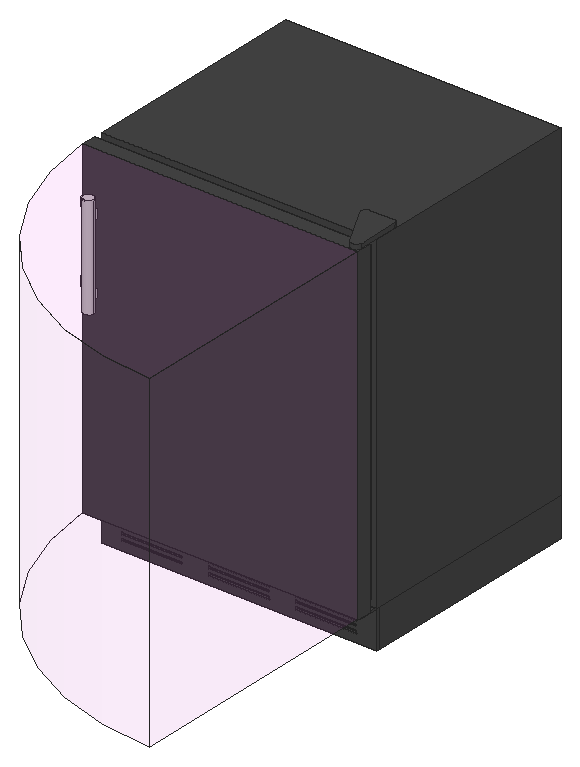
Revit family "QF_Summit_CT663BK_Refrigerator-Freezer_ADA Compliant", category Specialty Equipment, Revit 2020
Family settings
  Round Connector Dimension = Use Diameter
  Part Type = Normal
  Work Plane-Based = No
  Always vertical = Yes
  Cut with Voids When Loaded = No
  Shared = No
  Room Calculation Point = No
Parameters
  Weight in Pounds = 100
  Watts = Volts * FL Amps  # 138 W
  Volts = 115 V
  URL Cutsheet = ""
  Specification by User = ""
  Specification by Manufacturer = ""
  Show LHD [instance] = no
  Right Hinged Door [instance] = not(Show LHD)  # yes
  Serial Number = ""
  Seismic Rating = ""
  SMACNA No = ""
  Revision Code = ""
  Refrigerant Volume = 0.00 kip
  Refrigerant Type = "R600a"
  Phase = 1
  Number of Poles = 1
  NAFEM Spec ID Number = ""
  Model = "CT663BKADA"
  Min Ckt Ampacity = 0 A
  Max Overcurrent Protection = 0 A
  Masterspec = ""
  Manufacturer = "Summit"
  Length = 23 5/8"
  Item Number = ""
  Installed By = ""
  Identify Quantity as Lot = yes
  Height = 32 3/8"
  HP = ""
  Furnished By = ""
  Foodservice Equipment Identifier = yes
  FL Amps = 1.2 A
  Electrical Remarks = ""
  Electric Connection Type = ""
  Elec Conn RI Height = 0"
  Elec Conn Connection Height = 0"
  Description = "Refrigerator-Freezer ADA Compliant"
  Depth = 23"
  Default Elevation = 0"
  Cycle = 60 Hz
  Conn Plug = ""
  Conn Conduit = yes
  CSI MasterFormat = ""
  BTUH = 0.0 Btu/h
  Apparent Power = if(Phase = 3, Volts * FL Amps * 1.73, Volts * FL Amps)  # 138 VA
Reference planes (in)
  plane 1 "BACK": y = 0
  plane 2: z = 0
  plane 3 "LEFT": x = 0
  plane 4 "RIGHT": x = 23.625
  plane 5 "FRONT": y = -23
  plane 6 "TOP": z = 32.375
  plane 7 "Center Y": x = 11.8125
  plane 8 "Center X": y = -11.5
  plane 9: z = 32
  plane 10: y = -24.625
  plane 11: y = -45.375
  plane 12: y = -1.25
  plane 13: y = -21
  plane 14: z = 0.375
  plane 15: z = 3.625
  plane 16: x = 17.46169
Forms (in)
  Extrusion 1, solid, material "QF_Metallic_Paint_Black_Glossy"
    sketch origin (-4.07558, -180, 0.5) x (-1, 0, 0) y (0, -1, 0)
      loop
        line (-4.07558, -178.75) -> (-4.07558, -159) -> (-27.70058, -159) -> (-27.70058, -178.75) -> (-4.07558, -178.75)
    from 3.125 to 31.5
  Extrusion 2, solid, material "QF_Metallic_Paint_Black_Glossy"
    sketch origin (-5.77638, -180.6239, 3.75) x (-1, 0, 0) y (0, -1, 0)
      loop
        line (-5.77638, -157.625) -> (-29.40138, -157.625) -> (-29.40138, -158.875) -> (-5.77638, -158.875) -> (-5.77638, -157.625)
    from -0.125 to 28.25
  Extrusion 3, solid, material "QF_Metallic_Paint_Black_Glossy"
    sketch origin (23.5, -21.7489, 3.75) x (-1, 0, 0) y (0, 0, 1)
      loop
        line (0.375, 0.375) -> (23, 0.375) -> (23, 27.75) -> (0.375, 27.75) -> (0.375, 0.375)
    from 0 to 0.7489
  Extrusion 4, solid, material "QF_Metallic_Paint_Black_Glossy", visible <- "Right Hinged Door"
    sketch origin (-5.77638, -180.6239, 32) x (-1, 0, 0) y (0, -1, 0)
      loop
        line (-26.55339, -161.37658) -> (-28.47012, -157.91871)
        arc (-28.47012, -157.91871) -> (-28.95386, -157.71088) -> (-29.27619, -158.12717) r 0.42999
        line (-29.27619, -158.12717) -> (-29.27619, -161.7403)
        arc (-29.27619, -161.7403) -> (-29.20297, -161.91708) -> (-29.02619, -161.9903) r 0.25
        line (-29.02619, -161.9903) -> (-26.9149, -161.9903)
        arc (-26.9149, -161.9903) -> (-26.55876, -161.78675) -> (-26.55339, -161.37658) r 0.41333
    from 0 to 0.375
  Extrusion 5, solid, material "QF_Metal_Stainless_Polished", visible <- "Right Hinged Door"
    sketch origin (-1.6459, -180.6239, 27.94544) x (-1, 0, 0) y (0, -1, 0)
      loop
        line (-1.6459, -158.625) -> (-1.5209, -158.625) -> (-1.5209, -157.55854) -> (-2.72981, -156.74311) -> (-3.38781, -156.74311) -> (-3.38781, -156.86811) -> (-2.76803, -156.86811) -> (-1.6459, -157.625) -> (-1.6459, -158.625)
    from 0 to -0.75
  Extrusion 6, solid, material "QF_Metal_Stainless_Polished", visible <- "Right Hinged Door"
    sketch origin (-4.89398, -180.6239, 20.125) x (-1, 0, 0) y (0, -1, 0)
      loop
        circle (-6.30689, -156.43406) r 0.43516
    from 0 to 8.75
  Extrusion 7, solid, material "QF_Metal_Stainless_Polished", visible <- "Right Hinged Door"
    sketch origin (-1.6459, -180.6239, 21.05456) x (0, 1, 0) y (1, 0, 0)
      loop
        line (158.625, 1.6459) -> (157.625, 1.6459) -> (156.86811, 2.76803) -> (156.86811, 3.38781) -> (156.74311, 3.38781) -> (156.74311, 2.72981) -> (157.55854, 1.5209) -> (158.625, 1.5209) -> (158.625, 1.6459)
    from 0 to -0.75
  Extrusion 8, solid, material "QF_Metallic_Paint_Black_Glossy", visible <- "Right Hinged Door"
    sketch origin (-5.77638, -180.5, 3.625) x (0, -1, 0) y (-1, 0, 0)
      loop
        line (-159.5, -29.27619) -> (-158.12717, -29.27619)
        arc (-158.12717, -29.27619) -> (-157.71088, -28.95386) -> (-157.91871, -28.47012) r 0.42999
        line (-157.91871, -28.47012) -> (-159.5, -27.5936) -> (-159.5, -29.27619)
    from 0 to 0.125
  Extrusion 9, solid, material "QF_Metallic_Paint_Black_Glossy"
    sketch origin (-12.48311, -21, 47.125) x (-1, 0, 0) y (0, 0, 1)
      loop
        line (-12.48311, -46.75) -> (-12.48311, -43.5) -> (-36.10811, -43.5) -> (-36.10811, -46.75) -> (-12.48311, -46.75)
      loop
        line (-14.18872, -44.25) -> (-19.43872, -44.25) -> (-19.43872, -44.5) -> (-14.18872, -44.5) -> (-14.18872, -44.25)
      loop
        line (-14.18872, -44.75) -> (-19.43872, -44.75) -> (-19.43872, -45) -> (-14.18872, -45) -> (-14.18872, -44.75)
      loop
        line (-14.18872, -45.25) -> (-19.43872, -45.25) -> (-19.43872, -45.5) -> (-14.18872, -45.5) -> (-14.18872, -45.25)
      loop
        line (-14.18872, -45.75) -> (-19.43872, -45.75) -> (-19.43872, -46) -> (-14.18872, -46) -> (-14.18872, -45.75)
      loop
        line (-21.67061, -44.25) -> (-26.92061, -44.25) -> (-26.92061, -44.5) -> (-21.67061, -44.5) -> (-21.67061, -44.25)
      loop
        line (-21.67061, -44.75) -> (-26.92061, -44.75) -> (-26.92061, -45) -> (-21.67061, -45) -> (-21.67061, -44.75)
      loop
        line (-21.67061, -45.25) -> (-26.92061, -45.25) -> (-26.92061, -45.5) -> (-21.67061, -45.5) -> (-21.67061, -45.25)
      loop
        line (-21.67061, -45.75) -> (-26.92061, -45.75) -> (-26.92061, -46) -> (-21.67061, -46) -> (-21.67061, -45.75)
      loop
        line (-34.40249, -44.25) -> (-34.40249, -44.5) -> (-29.15249, -44.5) -> (-29.15249, -44.25) -> (-34.40249, -44.25)
      loop
        line (-34.40249, -44.75) -> (-34.40249, -45) -> (-29.15249, -45) -> (-29.15249, -44.75) -> (-34.40249, -44.75)
      loop
        line (-34.40249, -45.25) -> (-34.40249, -45.5) -> (-29.15249, -45.5) -> (-29.15249, -45.25) -> (-34.40249, -45.25)
      loop
        line (-34.40249, -45.75) -> (-34.40249, -46) -> (-29.15249, -46) -> (-29.15249, -45.75) -> (-34.40249, -45.75)
    from 0 to 0.25
  Extrusion 10, solid, material "QF_Metallic_Paint_Black_Glossy"
    sketch origin (-12.48311, -1, 48.375) x (-1, 0, 0) y (0, 0, 1)
      loop
        line (-12.48311, -44.75) -> (-36.10811, -44.75) -> (-36.10811, -48) -> (-12.48311, -48) -> (-12.48311, -44.75)
    from -19.75 to -0.25
  Extrusion 11, solid, material "QF_Metallic_Paint_White_Smooth"
    sketch origin (23.625, -1, 0.375) x (0, 1, 0) y (1, 0, 0)
      loop
        circle (-18, -20.5146) r 0.5
      loop
        circle (-2.25, -20.5146) r 0.5
      loop
        circle (-18, -3.1104) r 0.5
      loop
        circle (-2.25, -3.1104) r 0.5
    from 0 to 0.375
  Extrusion 12, solid, material "QF_Metal_Stainless_Polished"
    sketch origin (0, -1.25, 0.5) x (1, 0, 0) y (0, 0, -1)
      loop
        circle (17.46169, -0.84684) r 0.25
    from 0 to 0.25
  Extrusion 13, solid, material "QF_Metallic_Paint_Black_Glossy"
    sketch origin (0, -0.75, 18) x (0, -1, 0) y (1, 0, 0)
      loop
        line (-0.75, 1) -> (0.5, 1) -> (0.5, 22.625) -> (-0.75, 22.625) -> (-0.75, 1)
    from -14.375 to 13.03445
  Extrusion 14, solid, material "QF_Clearances_Door_Drawer", visible <- "Right Hinged Door"
    sketch origin (-5.77638, -180.6239, 3.625) x (0, -1, 0) y (-1, 0, 0)
      loop
        line (-157.625, -29.40138) -> (-135.2489, -29.40138)
        arc (-135.2489, -29.40138) -> (-141.83082, -13.22625) -> (-157.625, -5.77638) r 24.03425
        line (-157.625, -5.77638) -> (-157.625, -29.40138)
    from 0 to -28.375
  Extrusion 15, solid, material "QF_Clearances_Door_Drawer", visible <- "Show LHD"
    sketch origin (29.40138, -180.6239, 3.625) x (0, 1, 0) y (1, 0, 0)
      loop
        line (157.625, -29.40138) -> (157.625, -5.77638)
        arc (157.625, -5.77638) -> (141.83082, -13.22625) -> (135.2489, -29.40138) r 24.03425
        line (135.2489, -29.40138) -> (157.625, -29.40138)
    from 0 to -28.375
  Extrusion 16, solid, material "QF_Metal_Stainless_Polished", visible <- "Show LHD"
    sketch origin (25.2709, -180.6239, 27.94544) x (1, 0, 0) y (0, 1, 0)
      loop
        line (-1.6459, 158.625) -> (-1.6459, 157.625) -> (-2.76803, 156.86811) -> (-3.38781, 156.86811) -> (-3.38781, 156.74311) -> (-2.72981, 156.74311) -> (-1.5209, 157.55854) -> (-1.5209, 158.625) -> (-1.6459, 158.625)
    from 0 to -0.75
  Extrusion 17, solid, material "QF_Metal_Stainless_Polished", visible <- "Show LHD"
    sketch origin (28.51898, -180.6239, 20.125) x (1, 0, 0) y (0, 1, 0)
      loop
        circle (-6.30689, 156.43406) r 0.43516
    from 0 to 8.75
  Extrusion 18, solid, material "QF_Metal_Stainless_Polished", visible <- "Show LHD"
    sketch origin (25.2709, -180.6239, 21.05456) x (0, -1, 0) y (-1, 0, 0)
      loop
        line (-158.625, 1.6459) -> (-158.625, 1.5209) -> (-157.55854, 1.5209) -> (-156.74311, 2.72981) -> (-156.74311, 3.38781) -> (-156.86811, 3.38781) -> (-156.86811, 2.76803) -> (-157.625, 1.6459) -> (-158.625, 1.6459)
    from 0 to -0.75
  Extrusion 19, solid, material "QF_Metallic_Paint_Black_Glossy", visible <- "Show LHD"
    sketch origin (29.40138, -180.6239, 32) x (1, 0, 0) y (0, 1, 0)
      loop
        arc (-26.55339, 161.37658) -> (-26.55876, 161.78675) -> (-26.9149, 161.9903) r 0.41333
        line (-26.9149, 161.9903) -> (-29.02619, 161.9903)
        arc (-29.02619, 161.9903) -> (-29.20297, 161.91708) -> (-29.27619, 161.7403) r 0.25
        line (-29.27619, 161.7403) -> (-29.27619, 158.12717)
        arc (-29.27619, 158.12717) -> (-28.95386, 157.71088) -> (-28.47012, 157.91871) r 0.42999
        line (-28.47012, 157.91871) -> (-26.55339, 161.37658)
    from 0 to 0.375
  Extrusion 20, solid, material "QF_Metallic_Paint_Black_Glossy", visible <- "Show LHD"
    sketch origin (29.40138, -180.5, 3.625) x (0, 1, 0) y (1, 0, 0)
      loop
        line (159.5, -29.27619) -> (159.5, -27.5936) -> (157.91871, -28.47012)
        arc (157.91871, -28.47012) -> (157.71088, -28.95386) -> (158.12717, -29.27619) r 0.42999
        line (158.12717, -29.27619) -> (159.5, -29.27619)
    from 0 to 0.125
Lines and regions (in)
  symbolic lines
    curve 1: line (0, -1.25, 0) -> (23.625, -1.25, 0)
    curve 2: line (0, -21, 0) -> (0, -1.25, 0)
    curve 3: line (23.625, -21, 0) -> (23.49982, -21, 0)
    curve 4: line (23.625, -1.25, 0) -> (23.625, -21, 0)
    curve 5: line (21.74854, -21, 0) -> (1.87646, -21, 0)
    curve 12: line (23.625, -22.9989, 0) -> (0, -22.9989, 0)
    curve 13: line (0, -21.7489, 0) -> (0, -22.9989, 0)
    curve 14: line (23.625, -21.7489, 0) -> (23.49982, -21.7489, 0)
    curve 15: line (23.625, -22.9989, 0) -> (23.625, -21.7489, 0)
    curve 16: line (22.16366, -21.7489, 0) -> (1.46134, -21.7489, 0)
    curve 28: line (1, -1.25, 0) -> (1, 0, 0)
    curve 29: line (1, 0, 0) -> (22.625, 0, 0)
    curve 30: line (22.625, 0, 0) -> (22.625, -1.25, 0)
    curve 53: line (0.12518, -21, 0) -> (0, -21, 0)
    curve 55: line (0.12518, -21.7489, 0) -> (0, -21.7489, 0)
  symbolic lines, visible <- "Right Hinged Door"
    curve 6: line (23.49982, -22.49673, 0) -> (23.49982, -18.8836, 0)
    curve 7: arc (23.49982, -18.8836, 0) -> (23.42659, -18.70682, 0) -> (23.24982, -18.6336, 0) r 0.25
    curve 8: line (23.24982, -18.6336, 0) -> (21.13852, -18.6336, 0)
    curve 9: arc (21.13852, -18.6336, 0) -> (20.78238, -18.83715, 0) -> (20.77701, -19.24732, 0) r 0.41333
    curve 10: line (20.77701, -19.24732, 0) -> (22.69374, -22.70519, 0)
    curve 11: arc (22.69374, -22.70519, 0) -> (23.17748, -22.91302, 0) -> (23.49982, -22.49673, 0) r 0.42999
    curve 17: line (-0.125, -21.9989, 0) -> (-0.125, -23.06536, 0)
    curve 18: line (-0.125, -23.06536, 0) -> (1.08391, -23.88078, 0)
    curve 19: arc (0.97776, -24.18984, 0) -> (1.41291, -24.625, 0) -> (1.84807, -24.18984, 0) r 0.43516
    curve 20: line (1.74192, -23.75578, 0) -> (1.12213, -23.75578, 0)
    curve 21: line (1.12213, -23.75578, 0) -> (0, -22.9989, 0)
    curve 22: line (1.74192, -23.88078, 0) -> (1.74192, -23.75578, 0)
    curve 23: arc (1.84807, -24.18984, 0) -> (1.73137, -23.89328, 0) -> (1.44385, -23.75578, 0) r 0.43516
    curve 24: line (1.08391, -23.88078, 0) -> (1.10657, -23.88078, 0)
    curve 25: line (1.71926, -23.88078, 0) -> (1.74192, -23.88078, 0)
    curve 26: arc (1.38198, -23.75578, 0) -> (1.09446, -23.89328, 0) -> (0.97776, -24.18984, 0) r 0.43516
    curve 27: line (0.5, -21.7489, 0) -> (0.5, -21, 0)
    curve 32: line (-0.125, -21.9989, 0) -> (0, -21.9989, 0)
    curve 54: line (1.87646, -21, 0) -> (0.12518, -21, 0)
    curve 56: line (1.46134, -21.7489, 0) -> (0.12518, -21.7489, 0)
  symbolic lines, style "QF_Clearances_Door_Drawer", visible <- "Right Hinged Door"
    curve 31: line (23.625, -22.9989, 0) -> (3.82025, -34.43318, 0)
    curve 33: arc (3.82025, -34.43318, 0) -> (1.20686, -29.03479, 0) -> (0.01147, -23.15741, 0) r 24.03425
  symbolic lines, visible <- "Show LHD"
    curve 34: line (0.12518, -22.49673, 0) -> (0.12518, -18.8836, 0)
    curve 35: arc (0.12518, -18.8836, 0) -> (0.19841, -18.70682, 0) -> (0.37518, -18.6336, 0) r 0.25
    curve 36: line (0.37518, -18.6336, 0) -> (2.48648, -18.6336, 0)
    curve 37: arc (2.48648, -18.6336, 0) -> (2.84262, -18.83715, 0) -> (2.84799, -19.24732, 0) r 0.41333
    curve 38: line (2.84799, -19.24732, 0) -> (0.93126, -22.70519, 0)
    curve 39: arc (0.93126, -22.70519, 0) -> (0.44752, -22.91302, 0) -> (0.12518, -22.49673, 0) r 0.42999
    curve 40: line (23.75, -21.9989, 0) -> (23.75, -23.06536, 0)
    curve 41: line (23.75, -23.06536, 0) -> (22.54109, -23.88078, 0)
    curve 42: arc (22.64724, -24.18984, 0) -> (22.21209, -24.625, 0) -> (21.77693, -24.18984, 0) r 0.43516
    curve 43: line (21.88308, -23.75578, 0) -> (22.50287, -23.75578, 0)
    curve 44: line (22.50287, -23.75578, 0) -> (23.625, -22.9989, 0)
    curve 45: arc (21.77693, -24.18984, 0) -> (21.89363, -23.89328, 0) -> (22.18115, -23.75578, 0) r 0.43516
    curve 46: arc (22.24302, -23.75578, 0) -> (22.53054, -23.89328, 0) -> (22.64724, -24.18984, 0) r 0.43516
    curve 48: line (23.75, -21.9989, 0) -> (23.625, -21.9989, 0)
    curve 50: line (22.54109, -23.88078, 0) -> (22.51843, -23.88078, 0)
    curve 51: line (21.88308, -23.75578, 0) -> (21.88308, -23.88078, 0)
    curve 52: line (21.90574, -23.88078, 0) -> (21.88308, -23.88078, 0)
    curve 57: line (23.125, -21.7489, 0) -> (23.125, -21, 0)
    curve 58: line (21.74854, -21, 0) -> (23.49982, -21, 0)
    curve 59: line (22.16366, -21.7489, 0) -> (23.49982, -21.7489, 0)
  symbolic lines, style "QF_Clearances_Door_Drawer", visible <- "Show LHD"
    curve 47: line (0, -22.9989, 0) -> (19.80475, -34.43318, 0)
    curve 49: arc (19.80475, -34.43318, 0) -> (22.41814, -29.03479, 0) -> (23.61353, -23.15741, 0) r 24.03425
Dimensions and locks (in)
  equal spacing: plane 3 "LEFT", plane 7 "Center Y", plane 4 "RIGHT"
  "Length": plane 3 "LEFT" to plane 4 "RIGHT"
  equal spacing: plane 5 "FRONT", plane 8 "Center X", plane 1 "BACK"
  "Depth": plane 5 "FRONT" to plane 1 "BACK"
  "Height": plane 6 "TOP" to level
  plane 4 "RIGHT" to plane 3 "LEFT" = 23 5/8"
  plane 6 "TOP" to plane 9 = 3/8"
  locked: plane 10 to plane 5 "FRONT" at 1.625
  plane 1 "BACK" to plane 12 = 1 1/4"
  plane 12 to plane 13 = 19 3/4"
  plane 9 to plane 2 = 32"
  plane 14 to plane 2 = 3/8"
  plane 15 to plane 14 = 3 1/4"
  plane 11 to plane 1 "BACK" = 45 3/8"
  aligned and locked: level to plane 2
Automatic sketch dimensions
  curve 19 to curve 23 = 0"  (x2)
  curve 19 to curve 26 = 0"  (x2)
  curve 23 to curve 26 = 0"  (x2)
  curve 42 to curve 45 = 0"  (x2)
  curve 42 to curve 46 = 0"  (x2)
  curve 45 to curve 46 = 0"  (x2)
  curve 47 to plane 3 "LEFT" = 0"
  curve 53 to plane 3 "LEFT" = 0"
  curve 53 to plane 13 = 0"
  curve 54 to plane 13 = 0"
  curve 28 to plane 12 = 0"
  plane 1 "BACK" to curve 29 = 0"
  curve 5 to plane 13 = 0"
  curve 58 to plane 13 = 0"
  curve 3 to plane 13 = 0"
  curve 48 to plane 4 "RIGHT" = 0"
  curve 1 to plane 4 "RIGHT" = 0"
  curve 17 to plane 3 "LEFT" = 1/8"
  curve 49 to plane 3 "LEFT" = 0.35216"
  plane 3 "LEFT" to curve 34 = 0.12518"
  curve 34 to curve 36 = 1/4"
  curve 34 to curve 39 = 0.42999"
  curve 38 to plane 5 "FRONT" = 0.29481"
  curve 39 to curve 38 = 0.37608"
  plane 3 "LEFT" to curve 29 = 1"
  plane 3 "LEFT" to curve 18 = 1.08391"
  plane 5 "FRONT" to curve 21 = 0.75578"
  curve 18 to curve 21 = 0.03822"
  curve 18 to curve 26 = 0.329"
  curve 16 to plane 13 = 0.7489"
  curve 39 to curve 16 = 0.53008"
  curve 19 to curve 20 = 0.329"
  curve 36 to curve 36 = 2.1113"
  plane 13 to curve 38 = 1.75268"
  plane 3 "LEFT" to curve 31 = 3.82025"
  curve 47 to plane 16 = 2.34306"
  plane 4 "RIGHT" to curve 10 = 2.84799"
  curve 9 to curve 9 = 0.36151"
  plane 10 to curve 52 = 0.74422"
  plane 4 "RIGHT" to curve 52 = 1.74192"
  curve 51 to curve 45 = 0.329"
  curve 42 to curve 44 = 0.29079"
  curve 43 to curve 50 = 0.01556"
  curve 50 to curve 50 = 0.02266"
  plane 4 "RIGHT" to curve 30 = 1"
  curve 10 to plane 5 "FRONT" = 0.29481"
  plane 4 "RIGHT" to curve 10 = 0.93126"
  curve 10 to curve 11 = 0.37608"
  plane 4 "RIGHT" to curve 7 = 0.37518"
  plane 4 "RIGHT" to curve 6 = 0.12518"
  curve 40 to plane 4 "RIGHT" = 1/8"
  curve 33 to plane 4 "RIGHT" = 0.35216"
  curve 52 to curve 41 = 0"
  curve 18 to curve 20 = 1/8"
  plane 10 to curve 26 = 0.43516"
  curve 45 to curve 52 = 0.30906"
  curve 47 to plane 10 = 9.80818"
  curve 31 to plane 10 = 9.80818"
  curve 22 to curve 20 = 1/8"
  curve 51 to curve 43 = 1/8"
  plane 5 "FRONT" to curve 17 = 0.06536"
  plane 5 "FRONT" to curve 41 = 0.06536"
  curve 44 to plane 5 "FRONT" = 0.0011"
  curve 6 to curve 40 = 0.49783"
  curve 39 to curve 32 = 0.49783"
  curve 32 to curve 13 = 1/4"
  curve 48 to curve 14 = 1/4"
  curve 49 to plane 13 = 0.34333"
  curve 33 to plane 13 = 0.34333"
  plane 13 to curve 10 = 1.75268"
  curve 9 to curve 9 = 0.20039"
  curve 37 to curve 37 = 0.20039"
  curve 55 to curve 27 = 0.37482"
  curve 19 to curve 18 = 0.10616"
  curve 56 to curve 16 = 0"
  curve 59 to curve 16 = 0"
  curve 57 to curve 3 = 0.37482"
  Extrusion 1 sketch curve to plane 4 "RIGHT" = 0"
  Extrusion 1 sketch curve to plane 3 "LEFT" = 0"
  Extrusion 1 sketch curve to plane 12 = 0"
  Extrusion 1 sketch curve to plane 13 = 0"
  Extrusion 2 sketch curve to plane 4 "RIGHT" = 0"
  Extrusion 2 sketch curve to plane 3 "LEFT" = 0"
  Extrusion 2 sketch curve to plane 13 = 0.7489"
  Extrusion 2 sketch curve to plane 5 "FRONT" = 0.0011"
  Extrusion 2 to Extrusion 3 sketch curve = 1/2"  (x3)
  Extrusion 3 sketch curve to Extrusion 2 = 1/2"
  Extrusion 4 sketch curve to Extrusion 2 = 0.12518"
  Extrusion 4 sketch curve to Extrusion 4 sketch curve = 1/4"
  Extrusion 4 sketch curve to Extrusion 4 sketch curve = 0.42999"
  Extrusion 4 sketch curve to Extrusion 2 = 0.29371"
  Extrusion 4 sketch curve to Extrusion 4 sketch curve = 0.37608"
  Extrusion 4 sketch curve to Extrusion 4 sketch curve = 2.1113"
  Extrusion 4 sketch curve to Extrusion 4 sketch curve = 0.36151"
  Extrusion 2 to Extrusion 4 sketch curve = 2.50158"
  Extrusion 4 sketch curve to Extrusion 4 sketch curve = 0.20039"
  Extrusion 5 sketch curve to plane 3 "LEFT" = 0"
  plane 3 "LEFT" to Extrusion 5 sketch curve = 1.08391"
  Extrusion 5 sketch curve to Extrusion 5 sketch curve = 0.03822"
  Extrusion 5 sketch curve to Extrusion 5 sketch curve = 0.61979"
  Extrusion 5 sketch curve to plane 3 "LEFT" = 1/8"
  Extrusion 5 sketch curve to plane 13 = 0.9989"
  Extrusion 5 sketch curve to plane 5 "FRONT" = 0.0011"
  plane 5 "FRONT" to Extrusion 5 sketch curve = 0.06536"
  plane 5 "FRONT" to Extrusion 5 sketch curve = 0.75578"
  Extrusion 5 sketch curve to Extrusion 5 sketch curve = 1/8"
  plane 10 to Extrusion 6 sketch curve = 0.43516"
  plane 3 "LEFT" to Extrusion 6 sketch curve = 1.41291"
  Extrusion 7 sketch curve to plane 3 "LEFT" = 0"
  plane 10 to Extrusion 7 sketch curve = 0.74422"
  Extrusion 7 sketch curve to Extrusion 7 sketch curve = 1/8"
  plane 5 "FRONT" to Extrusion 7 sketch curve = 0.06536"
  Extrusion 7 sketch curve to plane 5 "FRONT" = 0.0011"
  Extrusion 7 sketch curve to plane 3 "LEFT" = 1/8"
  Extrusion 7 sketch curve to plane 13 = 0.9989"
  plane 3 "LEFT" to Extrusion 7 sketch curve = 1.08391"
  Extrusion 7 sketch curve to Extrusion 7 sketch curve = 0.03822"
  Extrusion 7 sketch curve to Extrusion 7 sketch curve = 0.61979"
  Extrusion 2 to Extrusion 8 sketch curve = 0.12518"
  Extrusion 8 sketch curve to Extrusion 2 = 0.7489"
  Extrusion 2 to Extrusion 8 sketch curve = 0.62393"
  Extrusion 2 to Extrusion 8 sketch curve = 0.41761"
  Extrusion 8 sketch curve to Extrusion 8 sketch curve = 0.42999"
  Extrusion 8 sketch curve to Extrusion 8 sketch curve = 1.6826"
  plane 4 "RIGHT" to Extrusion 9 sketch curve = 0"
  Extrusion 9 sketch curve to plane 3 "LEFT" = 0"
  Extrusion 9 sketch curve to plane 14 = 0"
  Extrusion 9 sketch curve to plane 15 = 0"
  plane 4 "RIGHT" to Extrusion 9 sketch curve = 1.70562"
  plane 14 to Extrusion 9 sketch curve = 3/4"  (x3)
  Extrusion 9 sketch curve to Extrusion 9 sketch curve = 0"  (x18)
  plane 16 to Extrusion 9 sketch curve = 0.79231"
  Extrusion 9 sketch curve to Extrusion 9 sketch curve = 2.23188"  (x2)
  Extrusion 9 sketch curve to plane 7 "Center Y" = 2 5/8"
  plane 3 "LEFT" to Extrusion 9 sketch curve = 1.70562"
  Extrusion 9 sketch curve to Extrusion 9 sketch curve = 1/4"  (x21)
  plane 4 "RIGHT" to Extrusion 10 sketch curve = 0"
  Extrusion 10 sketch curve to plane 3 "LEFT" = 0"
  Extrusion 10 sketch curve to plane 14 = 0"
  Extrusion 10 sketch curve to plane 15 = 0"
  Extrusion 11 sketch curve to Extrusion 10 = 1 3/4"  (x2)
  Extrusion 11 sketch curve to Extrusion 10 = 2"  (x2)
  Extrusion 10 to Extrusion 11 sketch curve = 3.1104"  (x2)
  Extrusion 11 sketch curve to Extrusion 10 = 3.1104"  (x2)
  Extrusion 12 sketch curve to Extrusion 1 = 2.27816"
  Extrusion 12 sketch curve to Extrusion 1 = 6.16331"
  plane 1 "BACK" to Extrusion 13 sketch curve = 0"
  Extrusion 13 sketch curve to plane 12 = 0"
  plane 3 "LEFT" to Extrusion 13 sketch curve = 1"
  plane 4 "RIGHT" to Extrusion 13 sketch curve = 1"
  Extrusion 14 sketch curve to Extrusion 2 = 0"  (x3)
  Extrusion 14 sketch curve to Extrusion 2 = 0.40557"
  Extrusion 14 sketch curve to Extrusion 14 sketch curve = 22.3761"
  Extrusion 15 sketch curve to Extrusion 2 = 0"  (x3)
  Extrusion 15 sketch curve to Extrusion 15 sketch curve = 22.3761"
  Extrusion 15 sketch curve to Extrusion 2 = 0.35216"
  Extrusion 16 sketch curve to plane 4 "RIGHT" = 0"
  plane 4 "RIGHT" to Extrusion 16 sketch curve = 1.08391"
  Extrusion 16 sketch curve to Extrusion 16 sketch curve = 0.03822"
  Extrusion 16 sketch curve to Extrusion 16 sketch curve = 0.61979"
  Extrusion 16 sketch curve to plane 4 "RIGHT" = 1/8"
  plane 10 to Extrusion 16 sketch curve = 0.74422"
  Extrusion 16 sketch curve to Extrusion 16 sketch curve = 1/8"
  plane 5 "FRONT" to Extrusion 16 sketch curve = 0.06536"
  Extrusion 16 sketch curve to plane 5 "FRONT" = 0.0011"
  Extrusion 16 sketch curve to plane 13 = 0.9989"
  plane 10 to Extrusion 17 sketch curve = 0.43516"
  plane 4 "RIGHT" to Extrusion 17 sketch curve = 1.41291"
  Extrusion 18 sketch curve to plane 4 "RIGHT" = 0"
  Extrusion 18 sketch curve to plane 13 = 0.9989"
  Extrusion 18 sketch curve to plane 5 "FRONT" = 0.0011"
  plane 5 "FRONT" to Extrusion 18 sketch curve = 0.06536"
  plane 5 "FRONT" to Extrusion 18 sketch curve = 0.75578"
  Extrusion 18 sketch curve to Extrusion 18 sketch curve = 1/8"
  plane 4 "RIGHT" to Extrusion 18 sketch curve = 1.08391"
  Extrusion 18 sketch curve to Extrusion 18 sketch curve = 0.03822"
  Extrusion 18 sketch curve to Extrusion 18 sketch curve = 0.61979"
  Extrusion 18 sketch curve to plane 4 "RIGHT" = 1/8"
  Extrusion 19 sketch curve to Extrusion 2 = 0.12518"
  Extrusion 19 sketch curve to Extrusion 19 sketch curve = 1/4"
  Extrusion 19 sketch curve to Extrusion 19 sketch curve = 0.42999"
  Extrusion 19 sketch curve to Extrusion 2 = 0.29371"
  Extrusion 19 sketch curve to Extrusion 19 sketch curve = 0.37608"
  Extrusion 19 sketch curve to Extrusion 19 sketch curve = 2.1113"
  Extrusion 19 sketch curve to Extrusion 19 sketch curve = 0.36151"
  Extrusion 2 to Extrusion 19 sketch curve = 2.50158"
  Extrusion 19 sketch curve to Extrusion 19 sketch curve = 0.20039"
  Extrusion 2 to Extrusion 20 sketch curve = 0.41761"
  Extrusion 2 to Extrusion 20 sketch curve = 0.12518"
  Extrusion 2 to Extrusion 20 sketch curve = 0.62393"
  Extrusion 20 sketch curve to Extrusion 2 = 0.7489"
  Extrusion 20 sketch curve to Extrusion 20 sketch curve = 0.42999"
  Extrusion 20 sketch curve to Extrusion 20 sketch curve = 1.6826"
  radius of Extrusion 6 sketch curve = 0.43516"
  radius of Extrusion 11 sketch curve = 1/2"  (x4)
  radius of Extrusion 12 sketch curve = 1/4"
  radius of Extrusion 17 sketch curve = 0.43516"
Connectors (in)
  electrical at (17.46169, -1, 1.34684), driven by "Volts", driven by "Watts"
    settings: on Extrusion 12, index 7, voltage 115 V, apparent load 138 VA, apparent load phase1 0 VA, apparent load phase2 0 VA, apparent load phase3 0 VA, power factor 1, load classification "Other", number of poles 1, system type 30, power factor state 1, is connector primary yes, connector utility no, sub classification motor no, connector description ""
